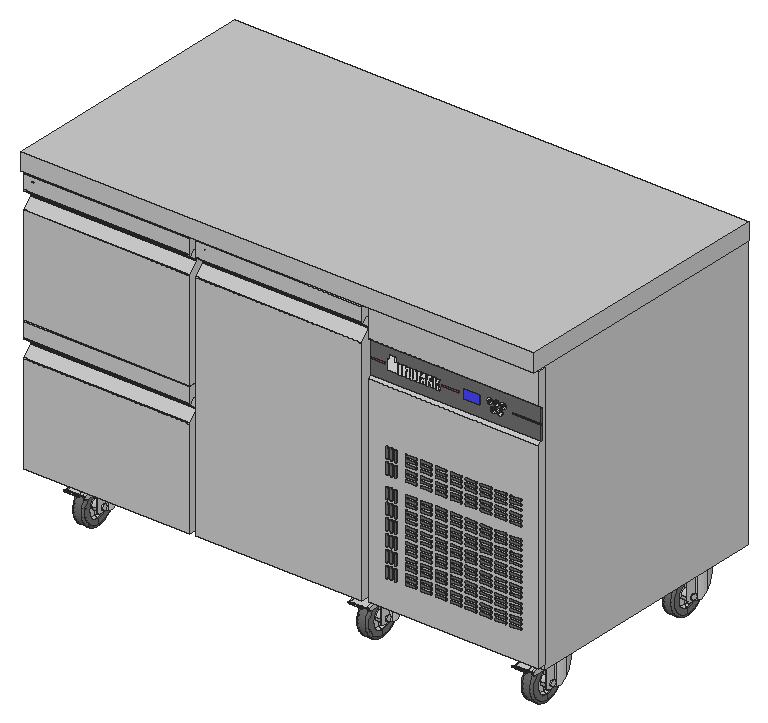
Revit family "QF_INOMAK_PNRP99_250612075801", category Specialty Equipment, Revit 2021 (continued)
Definition of nested family "QF_INOMAK_REF_COUNTERS_DOORS_DRAWERS_16448"
  Definition of nested family "4_Drawers_1-4"
    Forms (mm)
      Extrusion 3, solid, visible <- "4 Drawers", detail levels coarse
        sketch origin (0, -700, 154) x (-1, 0, 0) y (0, 1, 0)
          loop
            line (-35, 10) -> (-1165, 10) -> (-1165, -565) -> (-35, -565) -> (-35, 10)
        from 0 to -219.583
      Extrusion 4, solid, material <- "Finish", visible <- "4 Drawers"
        sketch origin (35, 0, -440.333) x (0, -1, 0) y (0, 0, 1)
          loop
            line (680, 813.917) -> (670, 813.917) -> (670, 594.333) -> (690, 594.333) -> (690, 757.761)
            arc (690, 757.761) -> (689.115, 763.644) -> (686.539, 769.007) r 20
            line (686.539, 769.007) -> (673, 788.917) -> (673, 810.917) -> (680, 810.917)
            arc (680, 810.917) -> (684.95, 808.866) -> (687, 803.917) r 7
            line (687, 803.917) -> (687, 798.904) -> (690, 798.904) -> (690, 803.917)
            arc (690, 803.917) -> (687.071, 810.988) -> (680, 813.917) r 10
        from 0 to -1130
      Extrusion 5, solid, material <- "Finish", visible <- "4 Drawers"
        sketch origin (35, 0, -165.333) x (0, -1, 0) y (0, 0, 1)
          loop
            line (680, 987.75) -> (670, 987.75) -> (670, 767.167) -> (690, 767.167) -> (690, 931.594)
            arc (690, 931.594) -> (689.115, 937.478) -> (686.539, 942.84) r 20
            line (686.539, 942.84) -> (673, 962.75) -> (673, 984.75) -> (680, 984.75)
            arc (680, 984.75) -> (684.95, 982.7) -> (687, 977.75) r 7
            line (687, 977.75) -> (687, 972.738) -> (690, 972.738) -> (690, 977.75)
            arc (690, 977.75) -> (687.071, 984.821) -> (680, 987.75) r 10
        from 0 to -1130
      Extrusion 6, solid, material <- "Finish", visible <- "4 Drawers"
        sketch origin (35, 0, -330.333) x (0, -1, 0) y (0, 0, 1)
          loop
            line (680, 928.5) -> (670, 928.5) -> (670, 708.25) -> (690, 708.25) -> (690, 872.344)
            arc (690, 872.344) -> (689.115, 878.228) -> (686.539, 883.59) r 20
            line (686.539, 883.59) -> (673, 903.5) -> (673, 925.5) -> (680, 925.5)
            arc (680, 925.5) -> (684.95, 923.45) -> (687, 918.5) r 7
            line (687, 918.5) -> (687, 913.488) -> (690, 913.488) -> (690, 918.5)
            arc (690, 918.5) -> (687.071, 925.571) -> (680, 928.5) r 10
        from 0 to -1130
      Extrusion 7, solid, visible <- "4 Drawers", detail levels coarse
        sketch origin (0, -500.463, 601.833) x (0, 1, 0) y (-1, 0, 0)
          loop
            line (-189.537, -35) -> (-764.537, -35) -> (-764.537, -1165) -> (-189.537, -1165) -> (-189.537, -35)
        from 0 to 220.583
      Extrusion 8, solid, visible <- "4 Drawers", detail levels coarse
        sketch origin (0, -540.463, 377.917) x (0, 1, 0) y (-1, 0, 0)
          loop
            line (-149.537, -35) -> (-724.537, -35) -> (-724.537, -1165) -> (-149.537, -1165) -> (-149.537, -35)
        from 0 to 220.25
    Lines and regions (mm)
      symbolic lines, visible <- "4 Drawers"
        curve 1: line (35, -945, 900) -> (35, -985, 900)
        curve 2: line (35, -985, 900) -> (1165, -985, 900)
        curve 3: line (1165, -985, 900) -> (1165, -945, 900)
        curve 4: line (1165, -945, 900) -> (35, -945, 900)
        curve 5: line (1135, -945, 900) -> (1135, -845, 900)
        curve 6: line (65, -945, 900) -> (65, -845, 900)
        curve 7: line (35, -1085, 900) -> (35, -1125, 900)
        curve 8: line (35, -1125, 900) -> (1165, -1125, 900)
        curve 9: line (1165, -1125, 900) -> (1165, -1085, 900)
        curve 10: line (1165, -1085, 900) -> (35, -1085, 900)
        curve 11: line (1135, -1085, 900) -> (1135, -985, 900)
        curve 12: line (65, -1085, 900) -> (65, -985, 900)
        curve 13: line (35, -1225, 900) -> (35, -1265, 900)
        curve 14: line (35, -1265, 900) -> (1165, -1265, 900)
        curve 15: line (1165, -1265, 900) -> (1165, -1225, 900)
        curve 16: line (1165, -1225, 900) -> (35, -1225, 900)
        curve 17: line (1135, -1225, 900) -> (1135, -1125, 900)
        curve 18: line (65, -1225, 900) -> (65, -1125, 900)
        curve 19: line (35, -805, 900) -> (35, -845, 900)
        curve 20: line (35, -845, 900) -> (1165, -845, 900)
        curve 21: line (1165, -845, 900) -> (1165, -805, 900)
        curve 22: line (1165, -805, 900) -> (35, -805, 900)
        curve 23: line (65, -805, 900) -> (65, -700, 900)
        curve 24: line (1135, -805, 900) -> (1135, -700, 900)
    Dimensions and locks
      "Length Actual": plane 3 "Left" to plane 4 "Right"
      "Depth Actual": plane 5 "Front" to plane 1 "Back"
      "Height Actual": plane 6 "Top" to plane 8 "Legs top"
      "Front inset": plane 7 "Front legs" to plane 5 "Front"
      "Plinth height": plane 8 "Legs top" to plane 2
      "Rear inset": plane 9 "Backsplash thickness" to plane 1 "Back"
      "Right panel thickness": plane 11 "Right panel" to plane 4 "Right"
      "Left panel thickness": plane 3 "Left" to plane 10 "Left panel"
      locked: plane 14 to plane 15 at 3.667
      equal spacing: plane 14, plane 12, plane 15
      locked: plane 23 to plane 24 at 3.667
      equal spacing: plane 23, plane 22, plane 24
      "Bottom inset": plane 20 to plane 8 "Legs top"
      equal spacing: plane 19, plane 17, plane 18
      locked: plane 19 to plane 18 at 4.333
      equal spacing: plane 21, plane 17, plane 22, plane 12, plane 16
      locked: plane 13 to plane 16 at 2.5
      "Top inset": plane 13 to plane 6 "Top"
      locked: plane 21 to plane 20 at 2.5
      aligned and locked: level to plane 2
      aligned and locked: plane 7 "Front legs" to Extrusion 1 sketch curve  (x2)
      aligned and locked: Extrusion 1 to plane 11 "Right panel"
      aligned and locked: Extrusion 1 sketch curve to plane 13
      aligned and locked: Extrusion 1 sketch curve to plane 14
      aligned and locked: plane 10 "Left panel" to curve 1
      aligned and locked: plane 10 "Left panel" to curve 7
      aligned and locked: plane 10 "Left panel" to curve 13
      aligned and locked: Extrusion 2 sketch curve to plane 10 "Left panel"
      aligned and locked: plane 11 "Right panel" to Extrusion 2 sketch curve
      aligned and locked: Extrusion 3 sketch curve to plane 10 "Left panel"
      aligned and locked: plane 11 "Right panel" to Extrusion 3 sketch curve
      aligned and locked: Extrusion 2 to plane 13
      aligned and locked: Extrusion 3 to plane 19
      aligned and locked: plane 20 to Extrusion 4 sketch curve
      aligned and locked: Extrusion 4 to plane 11 "Right panel"
      aligned and locked: Extrusion 5 sketch curve to plane 15
      aligned and locked: plane 7 "Front legs" to Extrusion 5 sketch curve
      aligned and locked: Extrusion 5 sketch curve to plane 23
      aligned and locked: Extrusion 6 sketch curve to plane 24
      aligned and locked: plane 7 "Front legs" to Extrusion 6 sketch curve
      aligned and locked: Extrusion 6 sketch curve to plane 18
      aligned and locked: Extrusion 7 to plane 15
      aligned and locked: Extrusion 8 to plane 24
      aligned and locked: Extrusion 5 to plane 11 "Right panel"
      aligned and locked: Extrusion 6 to plane 11 "Right panel"
    Automatic sketch dimensions
      Extrusion 1 sketch curve to Extrusion 1 sketch curve = 0 mm  (x2)
      plane 7 "Front legs" to Extrusion 1 sketch curve = 3 mm
      plane 7 "Front legs" to Extrusion 1 sketch curve = 3.461 mm
      plane 7 "Front legs" to Extrusion 1 sketch curve = 10 mm
      Extrusion 1 sketch curve to Extrusion 1 sketch curve = 7 mm
      plane 7 "Front legs" to Extrusion 1 sketch curve = 20 mm  (x2)
      Extrusion 1 sketch curve to Extrusion 1 sketch curve = 46.156 mm
      Extrusion 1 sketch curve to Extrusion 1 sketch curve = 15 mm
      Extrusion 1 sketch curve to Extrusion 1 sketch curve = 5.012 mm
      Extrusion 2 sketch curve to plane 7 "Front legs" = 0 mm
      Extrusion 2 sketch curve to plane 5 "Front" = 565 mm
      Extrusion 3 sketch curve to plane 7 "Front legs" = 0 mm
      Extrusion 3 sketch curve to plane 5 "Front" = 565 mm
      Extrusion 5 sketch curve to Extrusion 5 sketch curve = 0 mm  (x2)
      Extrusion 5 sketch curve to plane 7 "Front legs" = 0 mm
      plane 7 "Front legs" to Extrusion 5 sketch curve = 3 mm
      plane 7 "Front legs" to Extrusion 5 sketch curve = 3.461 mm
      plane 7 "Front legs" to Extrusion 5 sketch curve = 10 mm
      Extrusion 5 sketch curve to Extrusion 5 sketch curve = 7 mm
      plane 7 "Front legs" to Extrusion 5 sketch curve = 20 mm  (x2)
      Extrusion 5 sketch curve to Extrusion 5 sketch curve = 46.156 mm
      Extrusion 5 sketch curve to Extrusion 5 sketch curve = 15 mm
      Extrusion 5 sketch curve to Extrusion 5 sketch curve = 5.012 mm
      Extrusion 6 sketch curve to Extrusion 6 sketch curve = 0 mm  (x2)
      Extrusion 6 sketch curve to plane 7 "Front legs" = 0 mm
      plane 7 "Front legs" to Extrusion 6 sketch curve = 3 mm
      plane 7 "Front legs" to Extrusion 6 sketch curve = 3.461 mm
      plane 7 "Front legs" to Extrusion 6 sketch curve = 10 mm
      Extrusion 6 sketch curve to Extrusion 6 sketch curve = 7 mm
      plane 7 "Front legs" to Extrusion 6 sketch curve = 20 mm  (x2)
      Extrusion 6 sketch curve to Extrusion 6 sketch curve = 46.156 mm
      Extrusion 6 sketch curve to Extrusion 6 sketch curve = 15 mm
      Extrusion 6 sketch curve to Extrusion 6 sketch curve = 5.012 mm
      curve 14 to plane 11 "Right panel" = 0 mm
      curve 8 to plane 11 "Right panel" = 0 mm
      curve 2 to plane 11 "Right panel" = 0 mm
      curve 21 to plane 11 "Right panel" = 0 mm
      curve 20 to plane 10 "Left panel" = 0 mm
      curve 23 to plane 5 "Front" = 0 mm
      curve 24 to plane 5 "Front" = 0 mm
      curve 21 to plane 5 "Front" = 105 mm
      curve 20 to curve 21 = 40 mm
      curve 3 to curve 20 = 100 mm
      curve 3 to curve 3 = 40 mm
      curve 10 to curve 1 = 100 mm
      curve 9 to curve 9 = 40 mm
      curve 15 to curve 8 = 100 mm
      curve 15 to curve 15 = 40 mm
      plane 11 "Right panel" to curve 24 = 30 mm
      curve 8 to curve 17 = 30 mm
      curve 11 to curve 17 = 0 mm
      curve 23 to plane 10 "Left panel" = 30 mm
      curve 12 to curve 6 = 0 mm
      curve 18 to curve 12 = 0 mm
      Extrusion 4 sketch curve to Extrusion 4 sketch curve = 0 mm  (x2)
      plane 19 to Extrusion 4 sketch curve = 0 mm
      Extrusion 4 sketch curve to plane 7 "Front legs" = 0 mm  (x2)
      plane 7 "Front legs" to Extrusion 4 sketch curve = 3 mm
      plane 7 "Front legs" to Extrusion 4 sketch curve = 3.461 mm
      plane 7 "Front legs" to Extrusion 4 sketch curve = 10 mm
      Extrusion 4 sketch curve to Extrusion 4 sketch curve = 7 mm
      plane 7 "Front legs" to Extrusion 4 sketch curve = 20 mm  (x2)
      Extrusion 4 sketch curve to Extrusion 4 sketch curve = 46.156 mm
      Extrusion 4 sketch curve to Extrusion 4 sketch curve = 15 mm
      Extrusion 4 sketch curve to Extrusion 4 sketch curve = 5.012 mm
      Extrusion 7 sketch curve to plane 10 "Left panel" = 0 mm
      Extrusion 7 sketch curve to plane 11 "Right panel" = 0 mm
      Extrusion 7 sketch curve to plane 7 "Front legs" = 0 mm
      Extrusion 7 sketch curve to plane 5 "Front" = 565 mm
      Extrusion 8 sketch curve to plane 10 "Left panel" = 0 mm
      Extrusion 8 sketch curve to plane 11 "Right panel" = 0 mm
      Extrusion 8 sketch curve to plane 7 "Front legs" = 0 mm
      Extrusion 8 sketch curve to plane 5 "Front" = 565 mm
      curve 6 to plane 10 "Left panel" = 30 mm
      curve 5 to curve 24 = 0 mm
  Definition of nested family "Hinged_Doors"
    Parameters (values of type "Hinged doors")
      URL = "www.specifiglobal.com"
      Top inset [instance] = 4 mm
      Right panel thickness [instance] = 35 mm
      Rear inset [instance] = 10 mm
      Plinth height [instance] = 150 mm
      Model = ""
      Manufacturer = "DEMO CONSULTANT"
      Length Actual [instance] = 1200 mm
      Left panel thickness [instance] = 35 mm
      Hinged doors [instance] = Doors drawers type = 3  # yes
      Height Actual [instance] = 900 mm
      Front inset [instance] = 10 mm
      Finish [instance] = none
      Doors drawers type [instance] = 3
      Description = ""
      Depth Actual [instance] = 700 mm
      Default Elevation = 0 mm
      Bottom inset [instance] = 4 mm
      Assembly Code = "E1090320"
    Reference planes
      plane 1 "Back": y = 0
      plane 2: z = 0
      plane 3 "Left": x = 0
      plane 4 "Right": x = 1200
      plane 5 "Front": y = -700
      plane 6 "Top": z = 1050
      plane 7 "Front legs": y = -690
      plane 8 "Legs top": z = 150
      plane 9 "Backsplash thickness": y = -10
      plane 10: x = 35
      plane 11: x = 1165
      plane 12 "Center Left-Right": x = 600
      plane 13: x = 597.5
      plane 14: x = 602.5
      plane 15: z = 154
      plane 16: z = 1046
    Forms (mm)
      Extrusion 1, solid, material <- "Finish", visible <- "Hinged doors"
        sketch origin (35, -2307.849, 4000) x (0, -1, 0) y (0, 0, 1)
          loop
            line (-1627.849, -2954) -> (-1637.849, -2954) -> (-1637.849, -3846) -> (-1617.849, -3846) -> (-1617.849, -3010.156)
            arc (-1617.849, -3010.156) -> (-1618.734, -3004.272) -> (-1621.31, -2998.91) r 20
            line (-1621.31, -2998.91) -> (-1634.849, -2979) -> (-1634.849, -2957) -> (-1627.849, -2957)
            arc (-1627.849, -2957) -> (-1622.899, -2959.05) -> (-1620.849, -2964) r 7
            line (-1620.849, -2964) -> (-1620.849, -2969.012) -> (-1617.849, -2969.012) -> (-1617.849, -2964)
            arc (-1617.849, -2964) -> (-1620.778, -2956.929) -> (-1627.849, -2954) r 10
        from 0 to -562.5
      Extrusion 2, solid, visible <- "Hinged doors", detail levels coarse
        sketch origin (0, -700, 154) x (-1, 0, 0) y (0, 1, 0)
          loop
            line (-35, 10) -> (-597.5, 10)
            arc (-597.5, 10) -> (-432.748, -387.748) -> (-35, -552.5) r 562.5
            line (-35, -552.5) -> (-35, 10)
        from 0 to -892
      Extrusion 3, solid, material <- "Finish", visible <- "Hinged doors"
        sketch origin (1165, -2312.576, 4000) x (0, -1, 0) y (0, 0, 1)
          loop
            line (-1632.576, -2954) -> (-1642.576, -2954) -> (-1642.576, -3846) -> (-1622.576, -3846) -> (-1622.576, -3010.156)
            arc (-1622.576, -3010.156) -> (-1623.46, -3004.272) -> (-1626.037, -2998.91) r 20
            line (-1626.037, -2998.91) -> (-1639.576, -2979) -> (-1639.576, -2957) -> (-1632.576, -2957)
            arc (-1632.576, -2957) -> (-1627.626, -2959.05) -> (-1625.576, -2964) r 7
            line (-1625.576, -2964) -> (-1625.576, -2969.012) -> (-1622.576, -2969.012) -> (-1622.576, -2964)
            arc (-1622.576, -2964) -> (-1625.504, -2956.929) -> (-1632.576, -2954) r 10
        from 0 to 562.5
      Extrusion 4, solid, visible <- "Hinged doors", detail levels coarse
        sketch origin (0, -700, 154) x (-1, 0, 0) y (0, 1, 0)
          loop
            line (-1165, 10) -> (-1165, -552.5)
            arc (-1165, -552.5) -> (-767.252, -387.748) -> (-602.5, 10) r 562.5
            line (-602.5, 10) -> (-1165, 10)
        from 0 to -892
    Lines and regions (mm)
      symbolic lines, visible <- "Hinged doors"
        curve 1: line (35, -700, 150) -> (35, -1252.5, 150)
        curve 2: arc (35, -1252.5, 150) -> (429.196, -1091.268, 150) -> (597.411, -700, 150) r 562.5
        curve 3: arc (602.589, -700, 150) -> (770.804, -1091.268, 150) -> (1165, -1252.5, 150) r 562.5
        curve 4: line (1165, -1252.5, 150) -> (1165, -700, 150)
    Dimensions and locks
      "Length Actual": plane 3 "Left" to plane 4 "Right"
      "Depth Actual": plane 5 "Front" to plane 1 "Back"
      "Height Actual": plane 6 "Top" to plane 8 "Legs top"
      "Front inset": plane 7 "Front legs" to plane 5 "Front"
      "Plinth height": plane 8 "Legs top" to plane 2
      "Rear inset": plane 9 "Backsplash thickness" to plane 1 "Back"
      "Right panel thickness": plane 11 to plane 4 "Right"
      "Left panel thickness": plane 3 "Left" to plane 10
      equal spacing: plane 10, plane 12 "Center Left-Right", plane 11
      plane 13 to plane 12 "Center Left-Right" = 2.5 mm
      plane 12 "Center Left-Right" to plane 14 = 2.5 mm
      "Bottom inset": plane 15 to plane 8 "Legs top"
      "Top inset": plane 16 to plane 6 "Top"
      aligned and locked: level to plane 2
      aligned and locked: Extrusion 1 to plane 13
      aligned and locked: plane 10 to Extrusion 2 sketch curve
      aligned and locked: plane 13 to Extrusion 2 sketch curve
      aligned and locked: plane 7 "Front legs" to Extrusion 2 sketch curve  (x2)
      aligned and locked: plane 14 to Extrusion 3
      aligned and locked: Extrusion 2 to curve 1
      aligned and locked: curve 2 to Extrusion 2
      aligned and locked: curve 3 to Extrusion 4
      aligned and locked: curve 4 to Extrusion 4
      aligned and locked: plane 5 "Front" to curve 1
      aligned and locked: plane 5 "Front" to curve 2
      aligned and locked: plane 5 "Front" to curve 3
      aligned and locked: plane 5 "Front" to curve 4
      aligned and locked: Extrusion 4 to plane 16
      aligned and locked: Extrusion 2 to plane 16
      aligned and locked: Extrusion 1 sketch curve to plane 16
      aligned and locked: Extrusion 1 sketch curve to plane 15
      aligned and locked: Extrusion 3 sketch curve to plane 15
      aligned and locked: Extrusion 3 sketch curve to plane 16
    Automatic sketch dimensions
      Extrusion 1 sketch curve to Extrusion 1 sketch curve = 0 mm  (x2)
      Extrusion 1 sketch curve to plane 7 "Front legs" = 0 mm  (x2)
      plane 7 "Front legs" to Extrusion 1 sketch curve = 3 mm
      plane 7 "Front legs" to Extrusion 1 sketch curve = 3.461 mm
      plane 7 "Front legs" to Extrusion 1 sketch curve = 10 mm
      Extrusion 1 sketch curve to Extrusion 1 sketch curve = 7 mm
      plane 7 "Front legs" to Extrusion 1 sketch curve = 20 mm  (x2)
      Extrusion 1 sketch curve to Extrusion 1 sketch curve = 46.156 mm
      Extrusion 1 sketch curve to Extrusion 1 sketch curve = 15 mm
      Extrusion 1 sketch curve to Extrusion 1 sketch curve = 5.012 mm
      Extrusion 3 sketch curve to Extrusion 3 sketch curve = 0 mm  (x2)
      Extrusion 3 sketch curve to plane 7 "Front legs" = 0 mm  (x2)
      Extrusion 3 sketch curve to Extrusion 3 sketch curve = 3 mm
      plane 7 "Front legs" to Extrusion 3 sketch curve = 3.461 mm
      plane 7 "Front legs" to Extrusion 3 sketch curve = 10 mm
      Extrusion 3 sketch curve to Extrusion 3 sketch curve = 7 mm
      Extrusion 3 sketch curve to Extrusion 3 sketch curve = 16.539 mm
      Extrusion 3 sketch curve to Extrusion 3 sketch curve = 20 mm
      Extrusion 3 sketch curve to Extrusion 3 sketch curve = 46.156 mm
      Extrusion 3 sketch curve to Extrusion 3 sketch curve = 15 mm
      Extrusion 3 sketch curve to Extrusion 3 sketch curve = 5.012 mm
      Extrusion 4 sketch curve to plane 11 = 0 mm
      Extrusion 4 sketch curve to plane 7 "Front legs" = 0 mm
      Extrusion 4 sketch curve to plane 14 = 0 mm
  Definition of nested family "Hopper"
    Parameters (values of type "Hopper")
      URL = "www.specifiglobal.com"
      Top inset [instance] = 4 mm
      Right panel thickness [instance] = 35 mm
      Rear inset [instance] = 10 mm
      Plinth height [instance] = 150 mm
      Model = ""
      Manufacturer = "DEMO CONSULTANT"
      Length Actual [instance] = 700 mm
      Left panel thickness [instance] = 35 mm
      Hopper [instance] = Doors drawers type = 10  # yes
      Height Actual [instance] = 900 mm
      Front inset [instance] = 10 mm
      Finish [instance] = none
      Doors drawers type [instance] = 10
      Description = ""
      Depth Actual [instance] = 700 mm
      Default Elevation = 0 mm
      Bottom inset [instance] = 4 mm
      Assembly Code = "E1090320"
      2 Drawers = yes
    Reference planes
      plane 1 "Back": y = 0
      plane 2: z = 0
      plane 3 "Left": x = 0
      plane 4 "Right": x = 700
      plane 5 "Front": y = -700
      plane 6 "Top": z = 1050
      plane 7 "Front legs": y = -690
      plane 8 "Legs top": z = 150
      plane 9 "Backsplash thickness": y = -10
      plane 10 "Left panel": x = 35
      plane 11 "Right panel": x = 665
      plane 12: z = 1046
      plane 13: z = 154
    Forms (mm)
      Extrusion 1, solid, material <- "Finish", visible <- "Hopper"
        sketch origin (35, 0, 0) x (0, -1, 0) y (0, 0, 1)
          loop
            line (690, 154) -> (690, 960.365)
            arc (690, 960.365) -> (689.866, 961.037) -> (689.485, 961.607) r 1.757
            line (689.485, 961.607) -> (666.663, 984.429)
            arc (666.663, 984.429) -> (665.976, 985.458) -> (665.734, 986.672) r 3.172
            line (665.734, 986.672) -> (665.734, 1013.576)
            arc (665.734, 1013.576) -> (666.433, 1015.262) -> (668.119, 1015.961) r 2.385
            line (668.119, 1015.961) -> (680.029, 1015.961) -> (686.544, 1006.657)
            arc (686.544, 1006.657) -> (688.671, 1005.935) -> (690, 1007.747) r 1.9
            line (690, 1007.747) -> (690, 1046) -> (648, 1046) -> (648, 154) -> (690, 154)
        from 0 to -630
      Extrusion 2, solid, visible <- "Hopper", detail levels coarse
        sketch origin (35, 0, 0) x (0, -1, 0) y (0, 0, 1)
          loop
            line (690, 154) -> (1265, 154) -> (1265, 1046) -> (690, 1046) -> (690, 154)
        from 0 to -630
    Lines and regions (mm)
      symbolic lines, visible <- "Hopper"
        curve 1: line (35, -1225, 900) -> (35, -1265, 900)
        curve 2: line (35, -1265, 900) -> (665, -1265, 900)
        curve 3: line (665, -1265, 900) -> (665, -1225, 900)
        curve 4: line (665, -1225, 900) -> (35, -1225, 900)
        curve 5: line (635, -1225, 900) -> (635, -700, 900)
        curve 6: line (65, -1225, 900) -> (65, -700, 900)
    Dimensions and locks
      "Length Actual": plane 3 "Left" to plane 4 "Right"
      "Depth Actual": plane 5 "Front" to plane 1 "Back"
      "Height Actual": plane 6 "Top" to plane 8 "Legs top"
      "Front inset": plane 7 "Front legs" to plane 5 "Front"
      "Plinth height": plane 8 "Legs top" to plane 2
      "Rear inset": plane 9 "Backsplash thickness" to plane 1 "Back"
      "Right panel thickness": plane 11 "Right panel" to plane 4 "Right"
      "Left panel thickness": plane 3 "Left" to plane 10 "Left panel"
      "Top inset": plane 12 to plane 6 "Top"
      "Bottom inset": plane 13 to plane 8 "Legs top"
      aligned and locked: level to plane 2
      aligned and locked: Extrusion 1 to plane 11 "Right panel"
      aligned and locked: Extrusion 2 to plane 11 "Right panel"
      aligned and locked: plane 10 "Left panel" to Extrusion 2
      aligned and locked: Extrusion 1 sketch curve to plane 12
      aligned and locked: Extrusion 1 sketch curve to Extrusion 2
      aligned and locked: Extrusion 1 sketch curve to plane 13
    Automatic sketch dimensions
      Extrusion 1 sketch curve to Extrusion 1 sketch curve = 17.734 mm
      Extrusion 1 sketch curve to Extrusion 1 sketch curve = 0.929 mm
      Extrusion 1 sketch curve to Extrusion 1 sketch curve = 2.385 mm
      Extrusion 1 sketch curve to Extrusion 1 sketch curve = 3.172 mm
      Extrusion 1 sketch curve to Extrusion 1 sketch curve = 11.91 mm
      Extrusion 1 sketch curve to Extrusion 1 sketch curve = 6.515 mm
      Extrusion 1 sketch curve to Extrusion 1 sketch curve = 1.556 mm
      Extrusion 1 sketch curve to Extrusion 1 sketch curve = 21.58 mm
      Extrusion 1 sketch curve to Extrusion 1 sketch curve = 1.242 mm
      Extrusion 1 sketch curve to Extrusion 1 sketch curve = 1.9 mm
      Extrusion 1 sketch curve to Extrusion 1 sketch curve = 0.515 mm
      Extrusion 1 sketch curve to Extrusion 1 sketch curve = 22.822 mm
      Extrusion 1 sketch curve to Extrusion 1 sketch curve = 19.985 mm
      Extrusion 1 sketch curve to Extrusion 1 sketch curve = 6.919 mm
      Extrusion 1 sketch curve to Extrusion 1 sketch curve = 30.039 mm
      Extrusion 2 sketch curve to plane 7 "Front legs" = 0 mm
      plane 13 to Extrusion 2 sketch curve = 0 mm
      plane 12 to Extrusion 2 sketch curve = 0 mm
      Extrusion 2 sketch curve to plane 5 "Front" = 565 mm
      curve 1 to plane 10 "Left panel" = 0 mm
      curve 2 to plane 11 "Right panel" = 0 mm
      curve 6 to plane 5 "Front" = 0 mm
      curve 5 to plane 5 "Front" = 0 mm
      curve 4 to plane 5 "Front" = 525 mm
      curve 3 to curve 3 = 40 mm
      plane 11 "Right panel" to curve 5 = 30 mm
      curve 6 to plane 10 "Left panel" = 30 mm
Definition of nested family "QF_INOMAK_REF_COUNTERS_WORKTOPS_25919"
  Parameters (values of type "WTWA-1545-700")
    Worktop without backsplash [instance] = Worktop type = 3  # no
    Worktop with backsplash [instance] = Worktop type = 2  # yes
    Worktop type [instance] = 2
    Worktop thickness [instance] = 46 mm
    Without worktop [instance] = or(Worktop type > 3, Worktop type < 2)  # no
    Weight [instance] = 0.00 kg
    Warranty Start Date [instance] = ""
    Warranty Duration [instance] = ""
    URL Cutsheet [instance] = ""
    URL = "www.inomak.com"
    Technical Documentation [instance] = ""
    Tag Number [instance] = ""
    Status [instance] = ""
    Specification by User [instance] = ""
    Specification by Manufacturer [instance] = ""
    Sound Level [instance] = ""
    Solid Fuel Type [instance] = ""
    Show Logo [instance] = yes
    Show Clearances [instance] = yes
    Service Life Duration [instance] = ""
    Serial Number [instance] = ""
    Seismic Rating [instance] = ""
    SMACNA No [instance] = ""
    Revision Code [instance] = ""
    Revision [instance] = ""
    Production Year [instance] = ""
    Point Load [instance] = 0
    Other Equipment Approvals [instance] = ""
    NAFEM Spec ID Number [instance] = ""
    Model Warning [instance] = ""
    Model = "WTWA"
    Masterspec [instance] = ""
    Manufacturer = "INOMAK"
    Length Actual [instance] = 1546 mm
    Item Number [instance] = ""
    Installed By [instance] = ""
    Installation Date [instance] = ""
    Identify Quantity as Lot [instance] = yes
    ID [instance] = ""
    Hygiene Approval [instance] = ""
    Height Actual [instance] = 0 mm
    Height AFF [instance] = 0 mm
    Furnished By [instance] = ""
    Foodservice Equipment Identifier [instance] = yes
    Finish [instance] = none
    ETL Approved [instance] = yes
    Description = "WORKTOP WITH UPSTAND"
    Depth Actual [instance] = 700 mm
    Default Elevation = 0 mm
    CSI MasterFormat [instance] = ""
    CE Approved [instance] = yes
    Barcode [instance] = ""
    Backsplash thickness [instance] = 20 mm
    Backsplash height [instance] = 60 mm
    Author [instance] = ""
    Asset Identifier [instance] = ""
    Assembly Code = "E1090320"
    Accessory [instance] = yes
  Types (40, lengths in mm): name | Worktop without backsplash | Worktop with backsplash | Worktop type | Worktop thickness | Without worktop | Model | Length Actual | Description | Depth Actual
    WTWT-2240-700 | yes | no | 3 | 46 | no | "WTWT" | 2242 | "STANDARD WORKTOP" | 700
    WTWA-2240-700 | no | yes | 2 | 46 | no | "WTWA" | 2242 | "WORKTOP WITH UPSTAND" | 700
    WOWT-2240-700 | no | no | 1 | 46 | yes | "WOWT" | 2242 | "WITHOUT WORKTOP" | 700
    WTWA-1790-700 | no | yes | 2 | 46 | no | "WTWA" | 1792 | "WORKTOP WITH UPSTAND" | 700
    WTWA-1345-700 | no | yes | 2 | 46 | no | "WTWA" | 1342 | "WORKTOP WITH UPSTAND" | 700
    WOWT-1790-700 | no | no | 1 | 46 | yes | "WOWT" | 1792 | "WITHOUT WORKTOP" | 700
    WOWT-1345-700 | no | no | 1 | 46 | yes | "WOWT" | 1342 | "WITHOUT WORKTOP" | 700
    WTWT-1790-700 | yes | no | 3 | 46 | no | "WTWT" | 1792 | "STANDARD WORKTOP" | 700
    WTWT-1345-700 | yes | no | 3 | 46 | no | "WTWT" | 1342 | "STANDARD WORKTOP" | 700
    WTWA-1080-700 | no | yes | 2 | 46 | no | "WTWA" | 1080 | "WORKTOP WITH UPSTAND" | 700
    WTWT-1080-700 | yes | no | 3 | 46 | no | "WTWT" | 1080 | "STANDARD WORKTOP" | 700
    WTWA-1080-700-80 | no | yes | 2 | 80 | no | "WTWA-80" | 1080 | "WORKTOP WITH UPSTAND, 80CM DEEP WORKTOP" | 700
    WTWT-1080-700-80 | yes | no | 3 | 80 | no | "WTWT-80" | 1080 | "WORKTOP WITH 80CM DEEP" | 700
    WOWT-1345-600 | no | no | 1 | 46 | yes | "WOWT" | 1342 | "WITHOUT WORKTOP" | 600
    WOWT-1790-600 | no | no | 1 | 46 | yes | "WOWT" | 1792 | "WITHOUT WORKTOP" | 600
    WOWT-2240-600 | no | no | 1 | 46 | yes | "WOWT" | 2242 | "WITHOUT WORKTOP" | 600
    WTWA-1345-600 | no | yes | 2 | 46 | no | "WTWA" | 1342 | "WORKTOP WITH UPSTAND" | 600
    WTWA-1790-600 | no | yes | 2 | 46 | no | "WTWA" | 1792 | "WORKTOP WITH UPSTAND" | 600
    WTWA-2240-600 | no | yes | 2 | 46 | no | "WTWA" | 2242 | "WORKTOP WITH UPSTAND" | 600
    WTWT-1345-600 | yes | no | 3 | 46 | no | "WTWT" | 1342 | "STANDARD WORKTOP" | 600
    WTWT-1790-600 | yes | no | 3 | 46 | no | "WTWT" | 1792 | "STANDARD WORKTOP" | 600
    WTWT-2240-600 | yes | no | 3 | 46 | no | "WTWT" | 2242 | "STANDARD WORKTOP" | 600
    WOWT-1105-700 | no | no | 1 | 46 | yes | "WOWT" | 1103 | "WITHOUT WORKTOP" | 700
    WTWA-1105-700 | no | yes | 2 | 46 | no | "WTWA" | 1103 | "WORKTOP WITH UPSTAND" | 700
    WTWT-1105-700 | yes | no | 3 | 46 | no | "WTWT" | 1103 | "STANDARD WORKTOP" | 700
    WOWT-1545-700 | no | no | 1 | 46 | yes | "WOWT" | 1546 | "WITHOUT WORKTOP" | 700
    WOWT-1995-700 | no | no | 1 | 46 | yes | "WOWT" | 1996 | "WITHOUT WORKTOP" | 700
    WTWA-1545-700 | no | yes | 2 | 46 | no | "WTWA" | 1546 | "WORKTOP WITH UPSTAND" | 700
    WTWA-1995-700 | no | yes | 2 | 46 | no | "WTWA" | 1996 | "WORKTOP WITH UPSTAND" | 700
    WTWT-1545-700 | yes | no | 3 | 46 | no | "WTWT" | 1546 | "STANDARD WORKTOP" | 700
    WTWT-1995-700 | yes | no | 3 | 46 | no | "WTWT" | 1996 | "STANDARD WORKTOP" | 700
    WTWA-1105-600 | no | yes | 2 | 46 | no | "WTWA" | 1103 | "WORKTOP WITH UPSTAND" | 600
    WTWT-1105-600 | yes | no | 3 | 46 | no | "WTWT" | 1103 | "STANDARD WORKTOP" | 600
    WOWT-1105-600 | no | no | 1 | 46 | yes | "WOWT" | 1103 | "WITHOUT WORKTOP" | 600
    WOWT-1545-600 | no | no | 1 | 46 | yes | "WOWT" | 1546 | "WITHOUT WORKTOP" | 600
    WTWA-1545-600 | no | yes | 2 | 46 | no | "WTWA" | 1546 | "WORKTOP WITH UPSTAND" | 600
    WTWT-1545-600 | yes | no | 3 | 46 | no | "WTWT" | 1546 | "STANDARD WORKTOP" | 600
    WTWT-1995-600 | yes | no | 3 | 46 | no | "WTWT" | 1996 | "STANDARD WORKTOP" | 600
    WTWA-1995-600 | no | yes | 2 | 46 | no | "WTWA" | 1996 | "WORKTOP WITH UPSTAND" | 600
    WOWT-1995-600 | no | no | 1 | 46 | yes | "WOWT" | 1996 | "WITHOUT WORKTOP" | 600
  Reference planes
    plane 1 "Back": y = 0
    plane 2: z = 0
    plane 3 "Left": x = 0
    plane 4 "Right": x = 1546
    plane 5 "Front": y = -700
    plane 6 "Top": z = 46
    plane 7 "Backsplash thickness": y = -20
    plane 8 "Worktop bottom": z = 0
    plane 9 "Upright height": z = 106
    plane 10 "Center Left Right": x = 773
  Lines and regions (mm)
    reference lines
      curve 1: line (773, 0, 106) -> (773, -20, 106)
      curve 2: line (0, -700, 46) -> (1546, -700, 46)
      curve 3: line (1546, -700, 46) -> (1546, 0, 46)
      curve 4: line (0, -700, 46) -> (0, 0, 46)
      curve 5: line (0, 0, 46) -> (1546, 0, 46)
      curve 6: line (773, 0, 0) -> (773, -700, 0)
  Dimensions and locks
    "Length Actual": plane 3 "Left" to plane 4 "Right"
    "Depth Actual": plane 5 "Front" to plane 1 "Back"
    "Backsplash thickness": plane 7 "Backsplash thickness" to plane 1 "Back"
    "Worktop thickness": plane 6 "Top" to plane 8 "Worktop bottom"
    "Backsplash height": plane 9 "Upright height" to plane 6 "Top"
    "Backsplash height": curve 1 to plane 6 "Top"
    "Depth Actual": curve 2 to plane 1 "Back"
    "Length Actual": plane 3 "Left" to curve 3
    "Length Actual": curve 4 to plane 4 "Right"
    "Depth Actual": curve 5 to plane 5 "Front"
    equal spacing: plane 3 "Left", plane 10 "Center Left Right", plane 4 "Right"
    "Height AFF": plane 8 "Worktop bottom" to plane 2
    "Height AFF": curve 6 to plane 2
    aligned and locked: level to plane 2
    aligned and locked: plane 3 "Left" to nested 1
    aligned and locked: plane 1 "Back" to nested 1
  Automatic sketch dimensions
    curve 6 to plane 1 "Back" = 0 mm
    curve 1 to plane 1 "Back" = 0 mm
    curve 1 to plane 7 "Backsplash thickness" = 0 mm
    curve 6 to plane 5 "Front" = 0 mm
  Nested families
    nested 1: "Worktop" at (0, 0, 0), Length Actual <- "Length Actual", Depth Actual <- "Depth Actual", Height AFF <- "Height AFF", Worktop thickness <- "Worktop thickness", Backsplash thickness <- "Backsplash thickness", Backsplash height <- "Backsplash height", type "without backsplash"
      with Worktop thickness 46 mm, Length Actual 1546 mm, Height AFF 0 mm, Depth Actual 700 mm, Backsplash thickness 20 mm, Backsplash height 60 mm, Worktop without backsplash no, Worktop with backsplash yes
  Definition of nested family "Worktop"
    Parameters (values of type "with backsplash")
      Worktop without backsplash = no
      Worktop with backsplash = yes
      Worktop thickness [instance] = 40 mm
      Without worktop = no
      URL = ""
      Model = ""
      Manufacturer = ""
      Length Actual [instance] = 1200 mm
      Height AFF [instance] = 860 mm
      Finish = none
      Description = "TABLE WITH BACKSPLASH"
      Depth Actual [instance] = 700 mm
      Default Elevation = 0 mm
      Backsplash thickness [instance] = 20 mm
      Backsplash height [instance] = 100 mm
      Assembly Code = "E1090320"
    Types (3, lengths in mm): name | Worktop without backsplash | Worktop with backsplash | Without worktop
      with backsplash | no | yes | no
      without backsplash | yes | no | no
      without worktop | no | no | yes
    Reference planes
      plane 1 "Back": y = 0
      plane 2: z = 0
      plane 3 "Left": x = 0
      plane 4 "Right": x = 1200
      plane 5 "Front": y = -700
      plane 6 "Top": z = 900
      plane 7 "Backsplash thickness": y = -20
      plane 8 "Worktop bottom": z = 860
      plane 9 "Upright height": z = 1000
      plane 10 "Center Left Right": x = 600
    Forms (mm)
      Extrusion 1, solid, material <- "Finish", visible <- "Worktop with backsplash"
        sketch origin (0, 0, 0) x (0, 1, 0) y (0, 0, 1)
          loop
            line (0, 1000) -> (-20, 1000) -> (-20, 900) -> (-700, 900) -> (-700, 860) -> (0, 860) -> (0, 1000)
        from 0 to 1200
      Extrusion 2, solid, material <- "Finish", visible <- "Worktop without backsplash"
        sketch origin (0, 0, 0) x (0, 1, 0) y (0, 0, 1)
          loop
            line (0, 860) -> (0, 900) -> (-700, 900) -> (-700, 860) -> (0, 860)
        from 0 to 1200
    Lines and regions (mm)
      Masking region 1, visible <- "Worktop with backsplash"
        outline origin (0, 0, 900) x (0, 1, 0) y (-1, 0, 0)
          loop
            line (0, 0) -> (-700, 0) -> (-700, -1200) -> (0, -1200) -> (0, 0)
      Masking region 2, visible <- "Worktop without backsplash"
        outline origin (0, 0, 900) x (0, 1, 0) y (-1, 0, 0)
          loop
            line (0, 0) -> (-700, 0) -> (-700, -1200) -> (0, -1200) -> (0, 0)
      symbolic lines, visible <- "Worktop with backsplash"
        curve 1: line (0, 0, 0) -> (1200, 0, 0)
        curve 2: line (1200, 0, 0) -> (1200, -700, 0)
        curve 3: line (1200, -700, 0) -> (0, -700, 0)
        curve 4: line (0, -700, 0) -> (0, 0, 0)
        curve 5: line (0, -20, 0) -> (1200, -20, 0)
      symbolic lines, visible <- "Worktop without backsplash"
        curve 6: line (0, 0, 0) -> (1200, 0, 0)
        curve 7: line (1200, 0, 0) -> (1200, -700, 0)
        curve 8: line (1200, -700, 0) -> (0, -700, 0)
        curve 9: line (0, -700, 0) -> (0, 0, 0)
      symbolic lines, visible <- "Without worktop"
        curve 10: line (0, 0, 0) -> (1200, 0, 0)
        curve 11: line (1200, 0, 0) -> (1200, -700, 0)
        curve 12: line (1200, -700, 0) -> (0, -700, 0)
        curve 13: line (0, -700, 0) -> (0, 0, 0)
      reference lines
        curve 14: line (600, 0, 1000) -> (600, -20, 1000)
        curve 15: line (0, -700, 900) -> (1200, -700, 900)
        curve 16: line (1200, -700, 900) -> (1200, 0, 900)
        curve 17: line (0, -700, 900) -> (0, 0, 900)
        curve 18: line (0, 0, 900) -> (1200, 0, 900)
        curve 19: line (600, 0, 860) -> (600, -700, 860)
    Dimensions and locks
      "Length Actual": plane 3 "Left" to plane 4 "Right"
      "Depth Actual": plane 5 "Front" to plane 1 "Back"
      "Backsplash thickness": plane 7 "Backsplash thickness" to plane 1 "Back"
      "Worktop thickness": plane 6 "Top" to plane 8 "Worktop bottom"
      "Backsplash height": plane 9 "Upright height" to plane 6 "Top"
      "Backsplash height": curve 14 to plane 6 "Top"
      "Depth Actual": curve 15 to plane 1 "Back"
      "Length Actual": plane 3 "Left" to curve 16
      "Length Actual": curve 17 to plane 4 "Right"
      "Depth Actual": curve 18 to plane 5 "Front"
      equal spacing: plane 3 "Left", plane 10 "Center Left Right", plane 4 "Right"
      "Height AFF": plane 8 "Worktop bottom" to plane 2
      "Height AFF": curve 19 to plane 2
      aligned and locked: level to plane 2
      aligned and locked: Extrusion 1 to plane 4 "Right"
      aligned and locked: Extrusion 1 sketch curve to plane 7 "Backsplash thickness"
      aligned and locked: curve 5 to plane 7 "Backsplash thickness"
      aligned and locked: Extrusion 1 sketch curve to plane 8 "Worktop bottom"
      aligned and locked: plane 9 "Upright height" to Extrusion 1 sketch curve
      aligned and locked: plane 6 "Top" to Extrusion 1 sketch curve
      aligned and locked: plane 6 "Top" to Extrusion 2 sketch curve
      aligned and locked: Extrusion 2 sketch curve to plane 1 "Back"
      aligned and locked: Extrusion 2 sketch curve to plane 8 "Worktop bottom"
      aligned and locked: Extrusion 2 sketch curve to plane 5 "Front"
      aligned and locked: Extrusion 2 to plane 4 "Right"
      aligned and locked: Masking region 1 sketch curve to Extrusion 1  (x4)
      aligned and locked: Masking region 2 sketch curve to Extrusion 1  (x4)
    Automatic sketch dimensions
      plane 1 "Back" to curve 1 = 0 mm
      curve 13 to plane 3 "Left" = 0 mm
      curve 7 to plane 4 "Right" = 0 mm
      curve 13 to plane 5 "Front" = 0 mm
      Extrusion 1 sketch curve to plane 1 "Back" = 0 mm
      Extrusion 1 sketch curve to plane 5 "Front" = 0 mm
      curve 19 to plane 1 "Back" = 0 mm
      curve 14 to plane 1 "Back" = 0 mm
      curve 14 to plane 7 "Backsplash thickness" = 0 mm
      curve 19 to plane 5 "Front" = 0 mm
      curve 16 to plane 5 "Front" = 0 mm
      curve 17 to plane 5 "Front" = 0 mm
      plane 1 "Back" to curve 17 = 0 mm
      plane 1 "Back" to curve 16 = 0 mm
      curve 15 to plane 4 "Right" = 0 mm
      curve 18 to plane 4 "Right" = 0 mm
      curve 18 to plane 3 "Left" = 0 mm
      curve 15 to plane 3 "Left" = 0 mm
Definition of nested family "QF_INOMAK_REF_COUNTERS_CASTORS_27746"
  Parameters (values of type "CT-2240-600")
    Weight [instance] = 0.00 kg
    Warranty Start Date [instance] = ""
    Warranty Duration [instance] = ""
    URL Cutsheet [instance] = ""
    URL = "www.inomak.com"
    Technical Documentation [instance] = ""
    Tag Number [instance] = ""
    Status [instance] = ""
    Specification by User [instance] = ""
    Specification by Manufacturer [instance] = ""
    Sound Level [instance] = ""
    Solid Fuel Type [instance] = ""
    Show Logo [instance] = yes
    Show Clearances [instance] = yes
    Service Life Duration [instance] = ""
    Serial Number [instance] = ""
    Seismic Rating [instance] = ""
    SMACNA No [instance] = ""
    Right offset = 70 mm
    Revision Code [instance] = ""
    Revision [instance] = ""
    Rear offset = 90 mm
    Production Year [instance] = ""
    Point Load [instance] = 0
    Other Equipment Approvals [instance] = ""
    NAFEM Spec ID Number [instance] = ""
    Model Warning [instance] = ""
    Model = "CT"
    Masterspec [instance] = ""
    Manufacturer = "INOMAK"
    Length Actual [instance] = 0 mm
    Length = 2242 mm
    Left offset = 100 mm
    Item Number [instance] = ""
    Installed By [instance] = ""
    Installation Date [instance] = ""
    Identify Quantity as Lot [instance] = yes
    ID [instance] = ""
    Hygiene Approval [instance] = ""
    Height Actual [instance] = 0 mm
    Height = 130 mm
    Furnished By [instance] = ""
    Front offset = 150 mm
    Foodservice Equipment Identifier [instance] = yes
    ETL Approved [instance] = yes
    Description = "WHEELS"
    Depth Actual [instance] = 0 mm
    Depth = 600 mm
    Default Elevation = 0 mm
    CentralLegs = if(Length > 2000 mm, 2 > 1, 2 < 1)  # yes
    CSI MasterFormat [instance] = ""
    CE Approved [instance] = yes
    Barcode [instance] = ""
    Author [instance] = ""
    Asset Identifier [instance] = ""
    Assembly Code = "E1090320"
    Accessory [instance] = yes
  Types (6, lengths in mm): name | Length | Depth | CentralLegs
    CT-2240-700 | 2242 | 700 | yes
    CT-1790-700 | 1792 | 700 | no
    CT-1345-700 | 1342 | 700 | no
    CT-1345-600 | 1342 | 600 | no
    CT-1790-600 | 1792 | 600 | no
    CT-2240-600 | 2242 | 600 | yes
  Reference planes
    plane 1 "Back": y = 0
    plane 2: z = 0
    plane 3 "Left": x = 0
    plane 4 "Right": x = 2242
    plane 5 "Front": y = -600
    plane 6 "Top": z = 130
    plane 7 "Left offset": x = 100
    plane 8 "Right offset": x = 2172
    plane 9 "Rear offset": y = -90
    plane 10 "Front offset": y = -450
    plane 11 "Central": x = 921
    plane 12: x = 1742
  Dimensions and locks
    "Length": plane 3 "Left" to plane 4 "Right"
    "Depth": plane 5 "Front" to plane 1 "Back"
    "Left offset": plane 3 "Left" to plane 7 "Left offset"
    "Right offset": plane 8 "Right offset" to plane 4 "Right"
    "Rear offset": plane 9 "Rear offset" to plane 1 "Back"
    "Front offset": plane 10 "Front offset" to plane 5 "Front"
    equal spacing: plane 7 "Left offset", plane 11 "Central", plane 12
    locked: plane 12 to plane 8 "Right offset" at 430
    plane 6 "Top" to level = 130 mm
    aligned and locked: level to plane 2
    aligned and locked: nested 1 to plane 7 "Left offset"
    aligned and locked: nested 1 to plane 10 "Front offset"
    aligned and locked: nested 2 to plane 11 "Central"
    aligned and locked: nested 2 to plane 10 "Front offset"
    aligned and locked: nested 3 to plane 12
    aligned and locked: nested 3 to plane 10 "Front offset"
    aligned and locked: nested 4 to plane 8 "Right offset"
    aligned and locked: nested 4 to plane 10 "Front offset"
    aligned and locked: nested 5 to plane 7 "Left offset"
    aligned and locked: nested 5 to plane 9 "Rear offset"
    aligned and locked: nested 6 to plane 12
    aligned and locked: nested 6 to plane 9 "Rear offset"
    aligned and locked: nested 7 to plane 8 "Right offset"
    aligned and locked: nested 7 to plane 9 "Rear offset"
  Nested families
    nested 1: "QF_INOMAK_CASTOR_BRAKES" at (100, -450, 0), type "QF_INOMAK_CASTOR_BRAKES"
    nested 2: "QF_INOMAK_CASTOR_BRAKES" at (921, -450, 0), visible <- "CentralLegs", type "QF_INOMAK_CASTOR_BRAKES"
    nested 3: "QF_INOMAK_CASTOR_BRAKES" at (1742, -450, 0), type "QF_INOMAK_CASTOR_BRAKES"
    nested 4: "QF_INOMAK_CASTOR_BRAKES" at (2172, -450, 0), type "QF_INOMAK_CASTOR_BRAKES"
    nested 5: "QF_INOMAK_CASTOR" at (100, -90, 0), type "QF_INOMAK_CASTOR"
    nested 6: "QF_INOMAK_CASTOR" at (1742, -90, 0), type "QF_INOMAK_CASTOR"
    nested 7: "QF_INOMAK_CASTOR" at (2172, -90, 0), type "QF_INOMAK_CASTOR"
  Definition of nested family "QF_INOMAK_CASTOR_BRAKES"
    Parameters (values of type "QF_INOMAK_CASTOR_BRAKES")
      Default Elevation = 0 mm
    Reference planes
      plane 1 "Center (Front/Back)": y = 0
      plane 2: z = 0
      plane 3 "Center (Left/Right)": x = 0
    Forms (mm)
      Extrusion 1, solid
        sketch origin (-55, 171.5, 124.5) x (1, 0, 0) y (0, 1, 0)
          loop
            line (12.5, -214) -> (97.5, -214)
            arc (97.5, -214) -> (104.571, -211.071) -> (107.5, -204) r 10
            line (107.5, -204) -> (107.5, -139)
            arc (107.5, -139) -> (104.571, -131.929) -> (97.5, -129) r 10
            line (97.5, -129) -> (12.5, -129)
            arc (12.5, -129) -> (5.429, -131.929) -> (2.5, -139) r 10
            line (2.5, -139) -> (2.5, -204)
            arc (2.5, -204) -> (5.429, -211.071) -> (12.5, -214) r 10
        from 0 to 5.5
      Extrusion 2, solid
        sketch origin (-55, 146, 24.5) x (1, 0, 0) y (0, 1, 0)
          loop
            circle (55, -146) r 36
          loop
            circle (55, -146) r 34
        from 12 to 100
      Extrusion 3, void
        sketch origin (-37.5, 146, -28.526) x (0, 1, 0) y (0, 0, 1)
          loop
            line (-105, 63.026) -> (-105, 139.692) -> (-158.75, 68.026)
            arc (-158.75, 68.026) -> (-160.956, 66.036) -> (-163.75, 65.026) r 7.727
            line (-163.75, 65.026) -> (-175, 65.026) -> (-175, 136.026) -> (-182, 136.026) -> (-182, 63.026) -> (-105, 63.026)
        from 0 to 75
      Revolve 4, solid
        sketch origin (0, -37.5, -3.552) x (1, 0, 0) y (0, 0, 1)
          loop
            arc (10, 3.552) -> (13.536, 5.016) -> (15, 8.552) r 5
            line (15, 8.552) -> (15, 22.052) -> (-15, 22.052) -> (-15, 8.552)
            arc (-15, 8.552) -> (-13.536, 5.016) -> (-10, 3.552) r 5
            line (-10, 3.552) -> (10, 3.552)
          axis (-15, 53.552) -> (15, 53.552)
        angle from 0 to 360
      Extrusion 5, solid
        sketch origin (-21.466, 171.5, -31.526) x (0, 1, 0) y (0, 0, 1)
          loop
            line (-200.5, 68.026) -> (-200.5, 139.026) -> (-222.5, 139.026) -> (-267.507, 126.05)
            arc (-267.507, 126.05) -> (-264.51, 121.7) -> (-259.5, 120.026) r 8.333
            line (-259.5, 120.026) -> (-224.5, 120.026) -> (-224.5, 76.026)
            arc (-224.5, 76.026) -> (-222.157, 70.369) -> (-216.5, 68.026) r 8
            line (-216.5, 68.026) -> (-200.5, 68.026)
        from -3.534 to -1.534
      Extrusion 6, solid
        sketch origin (-34, 171.5, -14) x (0, 1, 0) y (0, 0, 1)
          loop
            circle (-209, 64) r 12.5
        from 11 to 57
      Revolve 7, solid
        sketch origin (-55, -37.5, -3.552) x (1, 0, 0) y (0, 0, 1)
          loop
            arc (65, 22.052) -> (61.464, 23.516) -> (60, 27.052) r 5
            line (60, 27.052) -> (60, 53.526) -> (50, 53.526) -> (50, 27.052)
            arc (50, 27.052) -> (48.536, 23.516) -> (45, 22.052) r 5
            line (45, 22.052) -> (65, 22.052)
          axis (45, 53.526) -> (65, 53.526)
        angle from 0 to 360
      Extrusion 8, solid
        sketch origin (21.466, 171.5, -31.526) x (0, 1, 0) y (0, 0, -1)
          loop
            line (-200.5, -68.026) -> (-216.5, -68.026)
            arc (-216.5, -68.026) -> (-222.157, -70.369) -> (-224.5, -76.026) r 8
            line (-224.5, -76.026) -> (-224.5, -120.026) -> (-259.5, -120.026)
            arc (-259.5, -120.026) -> (-264.51, -121.7) -> (-267.507, -126.05) r 8.333
            line (-267.507, -126.05) -> (-222.5, -139.026) -> (-200.5, -139.026) -> (-200.5, -68.026)
        from -3.534 to -1.534
      Extrusion 9, solid
        sketch origin (250, -359.196, -27.974) x (1, 0, 0) y (0, 1, 0)
          loop
            line (-275, 330.196) -> (-273, 330.196)
            arc (-273, 330.196) -> (-273.274, 332.754) -> (-274.083, 335.196) r 12.082
            line (-274.083, 335.196) -> (-276.833, 335.196)
            arc (-276.833, 335.196) -> (-275.473, 332.858) -> (-275, 330.196) r 7.737
        from 64.474 to 135.474
      Extrusion 10, solid
        sketch origin (-250, -359.196, -27.974) x (-1, 0, 0) y (0, -1, 0)
          loop
            arc (-275, -330.196) -> (-275.473, -332.858) -> (-276.833, -335.196) r 7.737
            line (-276.833, -335.196) -> (-274.083, -335.196)
            arc (-274.083, -335.196) -> (-273.274, -332.754) -> (-273, -330.196) r 12.082
            line (-273, -330.196) -> (-275, -330.196)
        from 64.474 to 135.474
      Sweep 11, solid
        path origin (0, -359.196, -27.974) x (0, 1, 0) y (0, 0, 1)
          loop
            line (338.196, 135.474) -> (308.196, 135.474) -> (263.189, 122.499)
        profile origin (0, -36, 107.5) x (0, 0, -1) y (1, 0, 0)
          loop
            arc (-4, -21) -> (-2.828, -23.828) -> (0, -25) r 4
            line (0, -25) -> (0, -23)
            arc (0, -23) -> (-1.414, -22.414) -> (-2, -21) r 2
            line (-2, -21) -> (-2, 21)
            arc (-2, 21) -> (-1.414, 22.414) -> (0, 23) r 2
            line (0, 23) -> (0, 25)
            arc (0, 25) -> (-2.828, 23.828) -> (-4, 21) r 4
            line (-4, 21) -> (-4, -21)
      Extrusion 12, solid
        sketch origin (-15, -620.032, 471.611) x (1, 0, 0) y (0, 0.809942, -0.58651)
          loop
            line (0, 640.696) -> (0, 622.696) -> (6, 617.696) -> (24, 617.696) -> (30, 622.696) -> (30, 640.696) -> (0, 640.696)
        from 0 to 2
      Extrusion 13, solid
        sketch origin (-10, -688.801, 95.837) x (0, 1, 0) y (0, 0, 1)
          loop
            line (587.696, 0) -> (592.196, -3.259)
            arc (592.196, -3.259) -> (593.446, -3.664) -> (594.696, -3.259) r 2.131
            line (594.696, -3.259) -> (604.172, 4.031) -> (598.943, 2.532) -> (594.631, -0.785)
            arc (594.631, -0.785) -> (593.44, -1.2) -> (592.238, -0.82) r 2
            line (592.238, -0.82) -> (588.869, 1.62) -> (587.696, 0)
        from 0 to 20
      Extrusion 14, solid
        sketch origin (-31, -958.08, 50) x (0, 1, 0) y (0, 0, 1)
          loop
            line (924.33, -6.495) -> (928.08, 0) -> (924.33, 6.495) -> (916.83, 6.495) -> (913.08, 0) -> (916.83, -6.495) -> (924.33, -6.495)
        from 0 to 62
    Cuts and joins
      Extrusion 3 cuts Extrusion 2
      Extrusion 3 cuts Extrusion 9
      Extrusion 3 cuts Extrusion 10
    Dimensions and locks
      aligned and locked: level to plane 2
  Definition of nested family "QF_INOMAK_CASTOR"
    Parameters (values of type "QF_INOMAK_CASTOR")
      Default Elevation = 0 mm
    Reference planes
      plane 1 "Center (Front/Back)": y = 0
      plane 2: z = 0
      plane 3 "Center (Left/Right)": x = 0
    Forms (mm)
      Extrusion 1, solid
        sketch origin (-55, 171.5, 124.5) x (1, 0, 0) y (0, 1, 0)
          loop
            line (12.5, -214) -> (97.5, -214)
            arc (97.5, -214) -> (104.571, -211.071) -> (107.5, -204) r 10
            line (107.5, -204) -> (107.5, -139)
            arc (107.5, -139) -> (104.571, -131.929) -> (97.5, -129) r 10
            line (97.5, -129) -> (12.5, -129)
            arc (12.5, -129) -> (5.429, -131.929) -> (2.5, -139) r 10
            line (2.5, -139) -> (2.5, -204)
            arc (2.5, -204) -> (5.429, -211.071) -> (12.5, -214) r 10
        from 0 to 5.5
      Extrusion 2, solid
        sketch origin (-55, 146, 24.5) x (1, 0, 0) y (0, 1, 0)
          loop
            circle (55, -146) r 36
          loop
            circle (55, -146) r 34
        from 12 to 100
      Extrusion 3, void
        sketch origin (-37.5, 146, -28.526) x (0, 1, 0) y (0, 0, 1)
          loop
            line (-105, 63.026) -> (-105, 139.692) -> (-158.75, 68.026)
            arc (-158.75, 68.026) -> (-160.956, 66.036) -> (-163.75, 65.026) r 7.727
            line (-163.75, 65.026) -> (-175, 65.026) -> (-175, 136.026) -> (-182, 136.026) -> (-182, 63.026) -> (-105, 63.026)
        from 0 to 75
      Revolve 4, solid
        sketch origin (0, -37.5, -3.552) x (1, 0, 0) y (0, 0, 1)
          loop
            arc (10, 3.552) -> (13.536, 5.016) -> (15, 8.552) r 5
            line (15, 8.552) -> (15, 22.052) -> (-15, 22.052) -> (-15, 8.552)
            arc (-15, 8.552) -> (-13.536, 5.016) -> (-10, 3.552) r 5
            line (-10, 3.552) -> (10, 3.552)
          axis (-15, 53.552) -> (15, 53.552)
        angle from 0 to 360
      Extrusion 5, solid
        sketch origin (-21.466, 171.5, -31.526) x (0, 1, 0) y (0, 0, 1)
          loop
            line (-200.5, 68.026) -> (-200.5, 139.026) -> (-224.5, 139.026) -> (-224.5, 76.026)
            arc (-224.5, 76.026) -> (-222.157, 70.369) -> (-216.5, 68.026) r 8
            line (-216.5, 68.026) -> (-200.5, 68.026)
        from -3.534 to -1.534
      Extrusion 6, solid
        sketch origin (-34, 171.5, -14) x (0, 1, 0) y (0, 0, 1)
          loop
            circle (-209, 64) r 12.5
        from 11 to 57
      Revolve 7, solid
        sketch origin (-55, -37.5, -3.552) x (1, 0, 0) y (0, 0, 1)
          loop
            arc (65, 22.052) -> (61.464, 23.516) -> (60, 27.052) r 5
            line (60, 27.052) -> (60, 53.526) -> (50, 53.526) -> (50, 27.052)
            arc (50, 27.052) -> (48.536, 23.516) -> (45, 22.052) r 5
            line (45, 22.052) -> (65, 22.052)
          axis (45, 53.526) -> (65, 53.526)
        angle from 0 to 360
      Extrusion 8, solid
        sketch origin (21.466, 171.5, -31.526) x (0, 1, 0) y (0, 0, -1)
          loop
            line (-200.5, -68.026) -> (-216.5, -68.026)
            arc (-216.5, -68.026) -> (-222.157, -70.369) -> (-224.5, -76.026) r 8
            line (-224.5, -76.026) -> (-224.5, -139.026) -> (-200.5, -139.026) -> (-200.5, -68.026)
        from -3.534 to -1.534
      Extrusion 9, solid
        sketch origin (250, -359.196, -27.974) x (1, 0, 0) y (0, 1, 0)
          loop
            line (-275, 330.196) -> (-273, 330.196)
            arc (-273, 330.196) -> (-273.274, 332.754) -> (-274.083, 335.196) r 12.082
            line (-274.083, 335.196) -> (-276.833, 335.196)
            arc (-276.833, 335.196) -> (-275.473, 332.858) -> (-275, 330.196) r 7.737
        from 64.474 to 135.474
      Extrusion 10, solid
        sketch origin (-250, -359.196, -27.974) x (-1, 0, 0) y (0, -1, 0)
          loop
            arc (-275, -330.196) -> (-275.473, -332.858) -> (-276.833, -335.196) r 7.737
            line (-276.833, -335.196) -> (-274.083, -335.196)
            arc (-274.083, -335.196) -> (-273.274, -332.754) -> (-273, -330.196) r 12.082
            line (-273, -330.196) -> (-275, -330.196)
        from 64.474 to 135.474
      Sweep 11, solid
        path origin (0, -359.196, -27.974) x (0, 1, 0) y (0, 0, 1)
          loop
            line (338.196, 135.474) -> (306.196, 135.474)
        profile origin (0, -37, 107.5) x (0, 0, -1) y (1, 0, 0)
          loop
            arc (-4, -21) -> (-2.828, -23.828) -> (0, -25) r 4
            line (0, -25) -> (0, -23)
            arc (0, -23) -> (-1.414, -22.414) -> (-2, -21) r 2
            line (-2, -21) -> (-2, 21)
            arc (-2, 21) -> (-1.414, 22.414) -> (0, 23) r 2
            line (0, 23) -> (0, 25)
            arc (0, 25) -> (-2.828, 23.828) -> (-4, 21) r 4
            line (-4, 21) -> (-4, -21)
      Extrusion 12, solid
        sketch origin (-31, -958.08, 50) x (0, 1, 0) y (0, 0, 1)
          loop
            line (924.33, -6.495) -> (928.08, 0) -> (924.33, 6.495) -> (916.83, 6.495) -> (913.08, 0) -> (916.83, -6.495) -> (924.33, -6.495)
        from 0 to 62
    Cuts and joins
      Extrusion 3 cuts Extrusion 2
      Extrusion 3 cuts Extrusion 9
      Extrusion 3 cuts Extrusion 10
    Dimensions and locks
      aligned and locked: level to plane 2
Definition of nested family "CONN_POINT_ELE_2D___Generic_Annotation"
  Parameters (values of type "CONN_POINT_ELE_2D___Generic_Annotation")
    Onboard connection annotation symbol visibility [instance] = yes
  Reference planes
    plane 1: y = 0
    plane 2: x = 0
  Lines and regions (mm)
    detail lines, visible <- "Onboard connection annotation symbol visibility"
      curve 1: circle (0, 0, 0) r 0.5 normal (0, 0, 1)
      curve 2: line (-1, 0, 0) -> (1, 0, 0)
      curve 3: line (0, 1, 0) -> (0, -1, 0)
      curve 4: line (2.5, 1, 0) -> (1.25, 1, 0)
      curve 5: line (1.25, 1, 0) -> (1.25, -1, 0)
      curve 6: line (1.25, -1, 0) -> (2.5, -1, 0)
      curve 7: line (1.25, 0, 0) -> (2, 0, 0)
